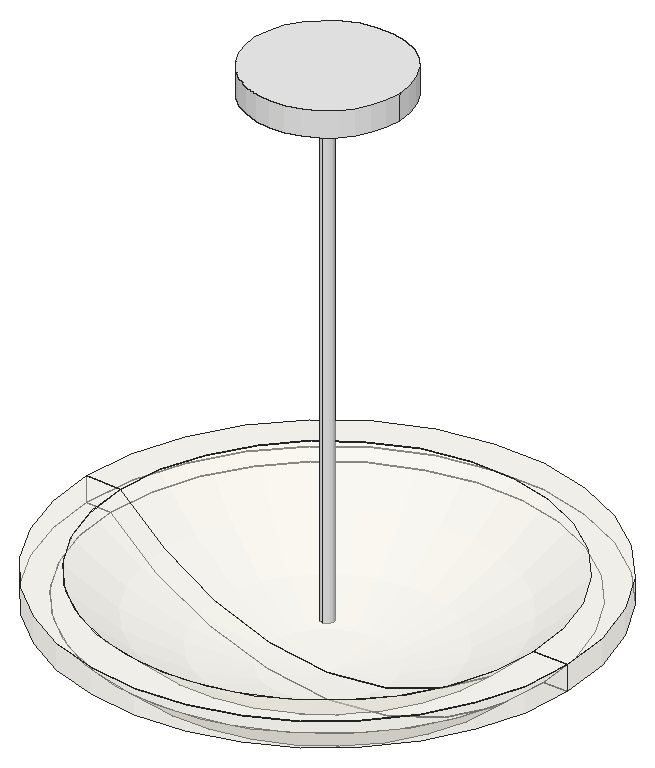
Revit family
Parameters (values of type "100 watt Incandescant")
  Wattage = 12.1178 W
  built-in parameter 1150110 = 1 (stored number, unit not read)
  built-in parameter 1114217 = 1 (stored number, unit not read)
  built-in parameter 1150109 = 1 (stored number, unit not read)
  built-in parameter 1150134 = 3
  built-in parameter 1150113 = 1 (stored number, unit not read)
  built-in parameter 1150105 = 143.24 (stored number, unit not read)
  built-in parameter 1150115 = 1 (stored number, unit not read)
  Light Source Symbol Size = 609.60 mm
  built-in parameter 1150137 = (empty or 0)
  built-in parameter 1150139 = (empty or 0)
  built-in parameter 1150112 = 1 (stored number, unit not read)
  built-in parameter 1150114 = 1 (stored number, unit not read)
  Keynote = "V"
  Material Ceiling Mount = Metal - Chrome
  built-in parameter 1150132 = 2
  built-in parameter 1150102 = (empty or 0)
  built-in parameter 1150107 = 3200 (stored number, unit not read)
  built-in parameter 1150138 = (empty or 0)
  built-in parameter 1150106 = 1.4324 (stored number, unit not read)
  built-in parameter 1150104 = 13.8 (stored number, unit not read)
  Drop From Ceiling = 600.00 mm
  Lumens = 1800 lm
  Material Pendant = Glass - Frosted
  Wattage Comments = "100"
  Dimming Lamp Color Temperature Shift = (empty or 0)
  Color Filter = 16777215
  built-in parameter 1114218 = 1 (stored number, unit not read)
  built-in parameter 1150133 = 10 (stored number, unit not read)
Types (3, lengths in mm): name | Wattage | built-in parameter 1150105 | built-in parameter 1150106 | Lumens | Wattage Comments
  (no name) | 12.1178 W | 143.24 (stored number, unit not read) | 1.4324 (stored number, unit not read) | 1800 lm | "100"
  100 watt Incandescant | 12.1178 W | 143.24 (stored number, unit not read) | 1.4324 (stored number, unit not read) | 1800 lm | "100"
  150 watt Incandescant | 18.1767 W | 214.86 (stored number, unit not read) | 2.1486 (stored number, unit not read) | 2700 lm | "150"
Reference planes
  plane 1 "Light Axis": y = 0
  plane 2 "Ceiling": z = 2438.4
  plane 3 "Light Axis": x = 0
  plane 4 "Light Source Elevation": z = 1914.6
  plane 5: z = 1960.651
  plane 6: z = 1838.4
  plane 7: z = 1935.251
  plane 8: z = 1838.4
Forms (mm)
  Revolve 1, solid, material "Metal - Chrome" <- "Material Ceiling Mount"
    sketch origin (0, 0, 0) x (1, 0, 0) y (0, 0, 1)
      loop
        line (0, 2438.4) -> (-76.2, 2438.4) -> (-76.2, 2413) -> (0, 2377.467) -> (0, 2438.4)
      axis (0, 2438.4) -> (0, 2377.467)
    angle from 0 to 360
  Revolve 2, solid, material "Glass - Frosted"
    sketch origin (0, 0, 0) x (0, 0, -1) y (1, 0, 0)
      loop
        line (-1838.4, 0) -> (-1863.767, 0)
        arc (-1863.767, 0) -> (-1890.402, -118.856) -> (-1960.651, -218.361) r 310.942
        line (-1960.651, -218.361) -> (-1960.651, -254.3) -> (-1935.128, -254.3) -> (-1935.128, -228.9)
        arc (-1935.128, -228.9) -> (-1864.581, -123.824) -> (-1838.4, 0) r 332.567
      axis (-1960.651, 0) -> (-1838.4, 0)
    angle from 0 to 360
  Extrusion 3, solid, material "Metal - Chrome" <- "Material Ceiling Mount"
    sketch origin (0, 0, 1914.6) x (0, -1, 0) y (1, 0, 0)
      loop
        circle (0, 0) r 6.35
    from 0 to 523.8
Cuts and joins
  joined: Revolve 1, Extrusion 3
Lines and regions (mm)
  sketch lines
    curve 1: line (-1524, 1524, 0) -> (1524, 1524, 0)
    curve 2: line (-1524, 1524, 0) -> (-1524, -1524, 0)
    curve 3: line (-1524, -1524, 0) -> (1524, -1524, 0)
    curve 4: line (1524, 1524, 0) -> (1524, -1524, 0)
Dimensions and locks
  equal spacing: curve 2, plane 3 "Light Axis", curve 4
  equal spacing: curve 3, plane 1 "Light Axis", curve 1
  curve 2 to curve 4 = 3048.00 mm
  curve 3 to curve 1 = 3048.00 mm
  plane 5 to plane 7 to plane 6 = 25.40 mm locked, 96.851 mm locked
  "Drop From Ceiling": plane 2 "Ceiling" to plane 6
  "Drop From Ceiling": plane 2 "Ceiling" to plane 8
  locked: plane 4 "Light Source Elevation" to plane 8 at 76.2
  aligned and locked: plane 2 "Ceiling" to Extrusion 3
  aligned and locked: plane 3 "Light Axis" to imposter light
  aligned and locked: plane 1 "Light Axis" to imposter light
  aligned and locked: plane 4 "Light Source Elevation" to imposter light
Automatic sketch dimensions
  Revolve 1 sketch curve to plane 2 "Ceiling" = 0.00 mm
  Revolve 1 sketch curve to plane 3 "Light Axis" = 0.00 mm  (x2)
  Revolve 1 sketch curve to plane 2 "Ceiling" = 25.40 mm
  Revolve 1 sketch curve to plane 3 "Light Axis" = 76.20 mm
  Revolve 1 sketch curve to plane 2 "Ceiling" = 60.933 mm
  Revolve 1 sketch curve to Revolve 1 sketch curve = 66.067 mm
  plane 2 "Ceiling" to Revolve 1 sketch curve = 76.20 mm
  Revolve 2 sketch curve to plane 3 "Light Axis" = 0.00 mm  (x2)
  Revolve 2 sketch curve to plane 5 = 0.00 mm
  Revolve 2 sketch curve to plane 5 = 50.80 mm
  plane 3 "Light Axis" to Revolve 2 sketch curve = 5.628 mm
  Revolve 2 sketch curve to Revolve 2 sketch curve = 159.469 mm
  Revolve 2 sketch curve to Revolve 2 sketch curve = 3.704 mm
  Revolve 2 sketch curve to plane 7 = 0.123 mm
  plane 6 to Revolve 2 sketch curve = 0.00 mm
  Revolve 2 sketch curve to Revolve 2 sketch curve = 55.549 mm
  Revolve 2 sketch curve to plane 6 = 25.367 mm
  Revolve 2 sketch curve to Revolve 2 sketch curve = 10.54 mm
  Revolve 2 sketch curve to Revolve 2 sketch curve = 35.94 mm
  Extrusion 3 sketch curve to plane 3 "Light Axis" = 0.00 mm
  Extrusion 3 sketch curve to plane 1 "Light Axis" = 0.00 mm
  Extrusion 3 sketch curve to plane 1 "Light Axis" = 6.35 mm
